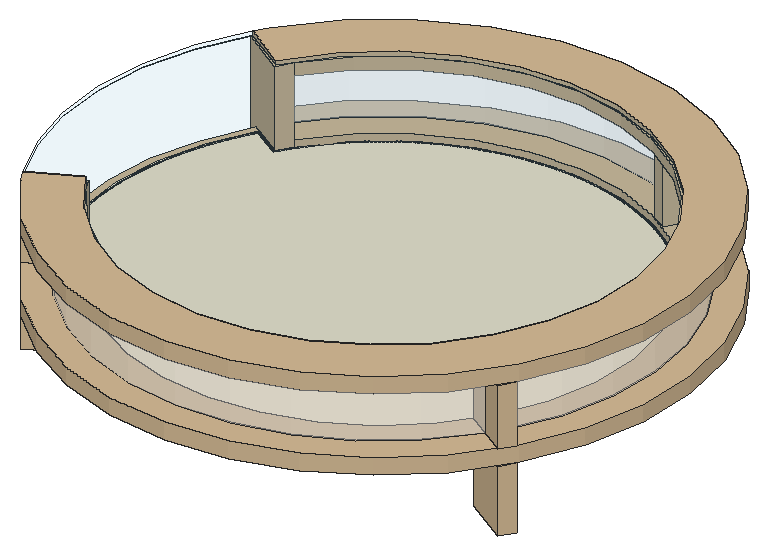
Revit family "MESA DE CENTRO M.A. 1,10M", category Modelos genéricos, Revit 2024 (continued)
Forms (cm)
  Extrusion 282, solid, material "COURO"
    sketch origin (2585.2113, -689.2693, 48.6389) x (-0.588036, 0.808835, 0) y (-0.808835, -0.588036, 0)
      loop
        line (762.865, 30.5602) -> (762.9664, 30.6028) -> (762.8502, 30.8794) -> (762.7488, 30.8367) -> (762.865, 30.5602)
    from 0 to 0.0248
  Extrusion 283, solid, material "COURO"
    sketch origin (2593.4123, -682.5277, 48.6389) x (-0.598621, 0.801032, 0) y (-0.801032, -0.598621, 0)
      loop
        line (762.865, 30.5602) -> (762.9664, 30.6028) -> (762.8502, 30.8794) -> (762.7488, 30.8367) -> (762.865, 30.5602)
    from 0 to 0.0248
  Extrusion 284, solid, material "COURO"
    sketch origin (2601.524, -675.6788, 48.6389) x (-0.609102, 0.793092, 0) y (-0.793092, -0.609102, 0)
      loop
        line (762.865, 30.5602) -> (762.9664, 30.6028) -> (762.8502, 30.8794) -> (762.7488, 30.8367) -> (762.865, 30.5602)
    from 0 to 0.0248
  Extrusion 285, solid, material "COURO"
    sketch origin (2609.5449, -668.7239, 48.6389) x (-0.619479, 0.785013, 0) y (-0.785013, -0.619479, 0)
      loop
        line (762.865, 30.5602) -> (762.9664, 30.6028) -> (762.8502, 30.8794) -> (762.7488, 30.8367) -> (762.865, 30.5602)
    from 0 to 0.0248
  Extrusion 286, solid, material "COURO"
    sketch origin (2617.4736, -661.6641, 48.6389) x (-0.629748, 0.7768, 0) y (-0.7768, -0.629748, 0)
      loop
        line (762.865, 30.5602) -> (762.9664, 30.6028) -> (762.8502, 30.8794) -> (762.7488, 30.8367) -> (762.865, 30.5602)
    from 0 to 0.0248
  Extrusion 287, solid, material "COURO"
    sketch origin (2625.3088, -654.5006, 48.6389) x (-0.639908, 0.768451, 0) y (-0.768451, -0.639908, 0)
      loop
        line (762.865, 30.5602) -> (762.9664, 30.6028) -> (762.8502, 30.8794) -> (762.7488, 30.8367) -> (762.865, 30.5602)
    from 0 to 0.0248
  Extrusion 288, solid, material "COURO"
    sketch origin (2633.0491, -647.2347, 48.6389) x (-0.649958, 0.75997, 0) y (-0.75997, -0.649958, 0)
      loop
        line (762.865, 30.5602) -> (762.9664, 30.6028) -> (762.8502, 30.8794) -> (762.7488, 30.8367) -> (762.865, 30.5602)
    from 0 to 0.0248
  Extrusion 289, solid, material "COURO"
    sketch origin (2640.6932, -639.8677, 48.6389) x (-0.659895, 0.751358, 0) y (-0.751358, -0.659895, 0)
      loop
        line (762.865, 30.5602) -> (762.9664, 30.6028) -> (762.8502, 30.8794) -> (762.7488, 30.8367) -> (762.865, 30.5602)
    from 0 to 0.0248
  Extrusion 290, solid, material "COURO"
    sketch origin (2648.2398, -632.4008, 48.6389) x (-0.669718, 0.742615, 0) y (-0.742615, -0.669718, 0)
      loop
        line (762.865, 30.5602) -> (762.9664, 30.6028) -> (762.8502, 30.8794) -> (762.7488, 30.8367) -> (762.865, 30.5602)
    from 0 to 0.0248
  Extrusion 291, solid, material "COURO"
    sketch origin (2655.6875, -624.8353, 48.6389) x (-0.679425, 0.733745, 0) y (-0.733745, -0.679425, 0)
      loop
        line (762.865, 30.5602) -> (762.9664, 30.6028) -> (762.8502, 30.8794) -> (762.7488, 30.8367) -> (762.865, 30.5602)
    from 0 to 0.0248
  Extrusion 292, solid, material "COURO"
    sketch origin (2663.0352, -617.1725, 48.6389) x (-0.689015, 0.724747, 0) y (-0.724747, -0.689015, 0)
      loop
        line (762.865, 30.5602) -> (762.9664, 30.6028) -> (762.8502, 30.8794) -> (762.7488, 30.8367) -> (762.865, 30.5602)
    from 0 to 0.0248
  Extrusion 293, solid, material "COURO"
    sketch origin (2670.2814, -609.4138, 48.6389) x (-0.698486, 0.715624, 0) y (-0.715624, -0.698486, 0)
      loop
        line (762.865, 30.5602) -> (762.9664, 30.6028) -> (762.8502, 30.8794) -> (762.7488, 30.8367) -> (762.865, 30.5602)
    from 0 to 0.0248
  Extrusion 294, solid, material "COURO"
    sketch origin (2677.4249, -601.5604, 48.6389) x (-0.707836, 0.706377, 0) y (-0.706377, -0.707836, 0)
      loop
        line (762.865, 30.5602) -> (762.9664, 30.6028) -> (762.8502, 30.8794) -> (762.7488, 30.8367) -> (762.865, 30.5602)
    from 0 to 0.0248
  Extrusion 295, solid, material "COURO"
    sketch origin (2684.4646, -593.6138, 48.6389) x (-0.717063, 0.697008, 0) y (-0.697008, -0.717063, 0)
      loop
        line (762.865, 30.5602) -> (762.9664, 30.6028) -> (762.8502, 30.8794) -> (762.7488, 30.8367) -> (762.865, 30.5602)
    from 0 to 0.0248
  Extrusion 296, solid, material "COURO"
    sketch origin (2691.3992, -585.5753, 48.6389) x (-0.726167, 0.687519, 0) y (-0.687519, -0.726167, 0)
      loop
        line (762.865, 30.5602) -> (762.9664, 30.6028) -> (762.8502, 30.8794) -> (762.7488, 30.8367) -> (762.865, 30.5602)
    from 0 to 0.0248
  Extrusion 297, solid, material "COURO"
    sketch origin (2698.2274, -577.4463, 48.6389) x (-0.735144, 0.67791, 0) y (-0.67791, -0.735144, 0)
      loop
        line (762.865, 30.5602) -> (762.9664, 30.6028) -> (762.8502, 30.8794) -> (762.7488, 30.8367) -> (762.865, 30.5602)
    from 0 to 0.0248
  Extrusion 298, solid, material "COURO"
    sketch origin (2704.9482, -569.2282, 48.6389) x (-0.743995, 0.668185, 0) y (-0.668185, -0.743995, 0)
      loop
        line (762.865, 30.5602) -> (762.9664, 30.6028) -> (762.8502, 30.8794) -> (762.7488, 30.8367) -> (762.865, 30.5602)
    from 0 to 0.0248
  Extrusion 299, solid, material "COURO"
    sketch origin (2711.5604, -560.9225, 48.6389) x (-0.752717, 0.658344, 0) y (-0.658344, -0.752717, 0)
      loop
        line (762.865, 30.5602) -> (762.9664, 30.6028) -> (762.8502, 30.8794) -> (762.7488, 30.8367) -> (762.865, 30.5602)
    from 0 to 0.0248
  Extrusion 300, solid, material "COURO"
    sketch origin (2718.0627, -552.5305, 48.6389) x (-0.761309, 0.648389, 0) y (-0.648389, -0.761309, 0)
      loop
        line (762.865, 30.5602) -> (762.9664, 30.6028) -> (762.8502, 30.8794) -> (762.7488, 30.8367) -> (762.865, 30.5602)
    from 0 to 0.0248
  Extrusion 301, solid, material "COURO"
    sketch origin (2724.4541, -544.0538, 48.6389) x (-0.76977, 0.638322, 0) y (-0.638322, -0.76977, 0)
      loop
        line (762.865, 30.5602) -> (762.9664, 30.6028) -> (762.8502, 30.8794) -> (762.7488, 30.8367) -> (762.865, 30.5602)
    from 0 to 0.0248
  Extrusion 302, solid, material "COURO"
    sketch origin (2730.7336, -535.4937, 48.6389) x (-0.778097, 0.628144, 0) y (-0.628144, -0.778097, 0)
      loop
        line (762.865, 30.5602) -> (762.9664, 30.6028) -> (762.8502, 30.8794) -> (762.7488, 30.8367) -> (762.865, 30.5602)
    from 0 to 0.0248
  Extrusion 303, solid, material "COURO"
    sketch origin (2736.8999, -526.8518, 48.6389) x (-0.786289, 0.617858, 0) y (-0.617858, -0.786289, 0)
      loop
        line (762.865, 30.5602) -> (762.9664, 30.6028) -> (762.8502, 30.8794) -> (762.7488, 30.8367) -> (762.865, 30.5602)
    from 0 to 0.0248
  Extrusion 304, solid, material "COURO"
    sketch origin (2742.952, -518.1296, 48.6389) x (-0.794346, 0.607465, 0) y (-0.607465, -0.794346, 0)
      loop
        line (762.865, 30.5602) -> (762.9664, 30.6028) -> (762.8502, 30.8794) -> (762.7488, 30.8367) -> (762.865, 30.5602)
    from 0 to 0.0248
  Extrusion 305, solid, material "COURO"
    sketch origin (2748.8889, -509.3285, 48.6389) x (-0.802265, 0.596967, 0) y (-0.596967, -0.802265, 0)
      loop
        line (762.865, 30.5602) -> (762.9664, 30.6028) -> (762.8502, 30.8794) -> (762.7488, 30.8367) -> (762.865, 30.5602)
    from 0 to 0.0248
  Extrusion 306, solid, material "COURO"
    sketch origin (2754.7096, -500.4502, 48.6389) x (-0.810046, 0.586366, 0) y (-0.586366, -0.810046, 0)
      loop
        line (762.865, 30.5602) -> (762.9664, 30.6028) -> (762.8502, 30.8794) -> (762.7488, 30.8367) -> (762.865, 30.5602)
    from 0 to 0.0248
  Extrusion 307, solid, material "COURO"
    sketch origin (2760.413, -491.496, 48.6389) x (-0.817687, 0.575664, 0) y (-0.575664, -0.817687, 0)
      loop
        line (762.865, 30.5602) -> (762.9664, 30.6028) -> (762.8502, 30.8794) -> (762.7488, 30.8367) -> (762.865, 30.5602)
    from 0 to 0.0248
  Extrusion 308, solid, material "COURO"
    sketch origin (2765.9982, -482.4677, 48.6389) x (-0.825186, 0.564862, 0) y (-0.564862, -0.825186, 0)
      loop
        line (762.865, 30.5602) -> (762.9664, 30.6028) -> (762.8502, 30.8794) -> (762.7488, 30.8367) -> (762.865, 30.5602)
    from 0 to 0.0248
  Extrusion 309, solid, material "COURO"
    sketch origin (2771.4642, -473.3666, 48.6389) x (-0.832542, 0.553962, 0) y (-0.553962, -0.832542, 0)
      loop
        line (762.865, 30.5602) -> (762.9664, 30.6028) -> (762.8502, 30.8794) -> (762.7488, 30.8367) -> (762.865, 30.5602)
    from 0 to 0.0248
  Extrusion 310, solid, material "COURO"
    sketch origin (2776.81, -464.1945, 48.6389) x (-0.839755, 0.542966, 0) y (-0.542966, -0.839755, 0)
      loop
        line (762.865, 30.5602) -> (762.9664, 30.6028) -> (762.8502, 30.8794) -> (762.7488, 30.8367) -> (762.865, 30.5602)
    from 0 to 0.0248
  Extrusion 311, solid, material "COURO"
    sketch origin (2782.0348, -454.9529, 48.6389) x (-0.846822, 0.531877, 0) y (-0.531877, -0.846822, 0)
      loop
        line (762.865, 30.5602) -> (762.9664, 30.6028) -> (762.8502, 30.8794) -> (762.7488, 30.8367) -> (762.865, 30.5602)
    from 0 to 0.0248
  Extrusion 312, solid, material "COURO"
    sketch origin (2787.1375, -445.6434, 48.6389) x (-0.853743, 0.520695, 0) y (-0.520695, -0.853743, 0)
      loop
        line (762.865, 30.5602) -> (762.9664, 30.6028) -> (762.8502, 30.8794) -> (762.7488, 30.8367) -> (762.865, 30.5602)
    from 0 to 0.0248
  Extrusion 313, solid, material "COURO"
    sketch origin (2792.1175, -436.2676, 48.6389) x (-0.860516, 0.509424, 0) y (-0.509424, -0.860516, 0)
      loop
        line (762.865, 30.5602) -> (762.9664, 30.6028) -> (762.8502, 30.8794) -> (762.7488, 30.8367) -> (762.865, 30.5602)
    from 0 to 0.0248
  Extrusion 314, solid, material "COURO"
    sketch origin (2796.9737, -426.8271, 48.6389) x (-0.86714, 0.498064, 0) y (-0.498064, -0.86714, 0)
      loop
        line (762.865, 30.5602) -> (762.9664, 30.6028) -> (762.8502, 30.8794) -> (762.7488, 30.8367) -> (762.865, 30.5602)
    from 0 to 0.0248
  Extrusion 315, solid, material "COURO"
    sketch origin (2801.7053, -417.3235, 48.6389) x (-0.873615, 0.486618, 0) y (-0.486618, -0.873615, 0)
      loop
        line (762.865, 30.5602) -> (762.9664, 30.6028) -> (762.8502, 30.8794) -> (762.7488, 30.8367) -> (762.865, 30.5602)
    from 0 to 0.0248
  Extrusion 316, solid, material "COURO"
    sketch origin (2806.3116, -407.7586, 48.6389) x (-0.879938, 0.475089, 0) y (-0.475089, -0.879938, 0)
      loop
        line (762.865, 30.5602) -> (762.9664, 30.6028) -> (762.8502, 30.8794) -> (762.7488, 30.8367) -> (762.865, 30.5602)
    from 0 to 0.0248
  Extrusion 317, solid, material "COURO"
    sketch origin (2810.7917, -398.1339, 48.6389) x (-0.886109, 0.463477, 0) y (-0.463477, -0.886109, 0)
      loop
        line (762.865, 30.5602) -> (762.9664, 30.6028) -> (762.8502, 30.8794) -> (762.7488, 30.8367) -> (762.865, 30.5602)
    from 0 to 0.0248
  Extrusion 318, solid, material "COURO"
    sketch origin (2815.1448, -388.4511, 48.6389) x (-0.892127, 0.451784, 0) y (-0.451784, -0.892127, 0)
      loop
        line (762.865, 30.5602) -> (762.9664, 30.6028) -> (762.8502, 30.8794) -> (762.7488, 30.8367) -> (762.865, 30.5602)
    from 0 to 0.0248
  Extrusion 319, solid, material "COURO"
    sketch origin (2819.3702, -378.712, 48.6389) x (-0.897991, 0.440014, 0) y (-0.440014, -0.897991, 0)
      loop
        line (762.865, 30.5602) -> (762.9664, 30.6028) -> (762.8502, 30.8794) -> (762.7488, 30.8367) -> (762.865, 30.5602)
    from 0 to 0.0248
  Extrusion 320, solid, material "COURO"
    sketch origin (2823.4673, -368.9181, 48.6389) x (-0.903699, 0.428168, 0) y (-0.428168, -0.903699, 0)
      loop
        line (762.865, 30.5602) -> (762.9664, 30.6028) -> (762.8502, 30.8794) -> (762.7488, 30.8367) -> (762.865, 30.5602)
    from 0 to 0.0248
  Extrusion 321, solid, material "COURO"
    sketch origin (2827.4351, -359.0712, 48.6389) x (-0.909251, 0.416247, 0) y (-0.416247, -0.909251, 0)
      loop
        line (762.865, 30.5602) -> (762.9664, 30.6028) -> (762.8502, 30.8794) -> (762.7488, 30.8367) -> (762.865, 30.5602)
    from 0 to 0.0248
  Extrusion 322, solid, material "COURO"
    sketch origin (2831.2732, -349.173, 48.6389) x (-0.914646, 0.404255, 0) y (-0.404255, -0.914646, 0)
      loop
        line (762.865, 30.5602) -> (762.9664, 30.6028) -> (762.8502, 30.8794) -> (762.7488, 30.8367) -> (762.865, 30.5602)
    from 0 to 0.0248
  Extrusion 323, solid, material "COURO"
    sketch origin (2834.9807, -339.2251, 48.6389) x (-0.919883, 0.392193, 0) y (-0.392193, -0.919883, 0)
      loop
        line (762.865, 30.5602) -> (762.9664, 30.6028) -> (762.8502, 30.8794) -> (762.7488, 30.8367) -> (762.865, 30.5602)
    from 0 to 0.0248
  Extrusion 324, solid, material "COURO"
    sketch origin (2838.5571, -329.2294, 48.6389) x (-0.924961, 0.380062, 0) y (-0.380062, -0.924961, 0)
      loop
        line (762.865, 30.5602) -> (762.9664, 30.6028) -> (762.8502, 30.8794) -> (762.7488, 30.8367) -> (762.865, 30.5602)
    from 0 to 0.0248
  Extrusion 325, solid, material "COURO"
    sketch origin (2842.0018, -319.1874, 48.6389) x (-0.929879, 0.367867, 0) y (-0.367867, -0.929879, 0)
      loop
        line (762.865, 30.5602) -> (762.9664, 30.6028) -> (762.8502, 30.8794) -> (762.7488, 30.8367) -> (762.865, 30.5602)
    from 0 to 0.0248
  Extrusion 326, solid, material "COURO"
    sketch origin (2845.3141, -309.1011, 48.6389) x (-0.934636, 0.355607, 0) y (-0.355607, -0.934636, 0)
      loop
        line (762.865, 30.5602) -> (762.9664, 30.6028) -> (762.8502, 30.8794) -> (762.7488, 30.8367) -> (762.865, 30.5602)
    from 0 to 0.0248
  Extrusion 327, solid, material "COURO"
    sketch origin (2848.4935, -298.9721, 48.6389) x (-0.939231, 0.343286, 0) y (-0.343286, -0.939231, 0)
      loop
        line (762.865, 30.5602) -> (762.9664, 30.6028) -> (762.8502, 30.8794) -> (762.7488, 30.8367) -> (762.865, 30.5602)
    from 0 to 0.0248
  Extrusion 328, solid, material "COURO"
    sketch origin (2851.5394, -288.8021, 48.6389) x (-0.943664, 0.330906, 0) y (-0.330906, -0.943664, 0)
      loop
        line (762.865, 30.5602) -> (762.9664, 30.6028) -> (762.8502, 30.8794) -> (762.7488, 30.8367) -> (762.865, 30.5602)
    from 0 to 0.0248
  Extrusion 329, solid, material "COURO"
    sketch origin (2854.4514, -278.593, 48.6389) x (-0.947933, 0.318468, 0) y (-0.318468, -0.947933, 0)
      loop
        line (762.865, 30.5602) -> (762.9664, 30.6028) -> (762.8502, 30.8794) -> (762.7488, 30.8367) -> (762.865, 30.5602)
    from 0 to 0.0248
  Extrusion 330, solid, material "COURO"
    sketch origin (2857.2288, -268.3465, 48.6389) x (-0.952039, 0.305976, 0) y (-0.305976, -0.952039, 0)
      loop
        line (762.865, 30.5602) -> (762.9664, 30.6028) -> (762.8502, 30.8794) -> (762.7488, 30.8367) -> (762.865, 30.5602)
    from 0 to 0.0248
  Extrusion 331, solid, material "COURO"
    sketch origin (2859.8713, -258.0643, 48.6389) x (-0.95598, 0.29343, 0) y (-0.29343, -0.95598, 0)
      loop
        line (762.865, 30.5602) -> (762.9664, 30.6028) -> (762.8502, 30.8794) -> (762.7488, 30.8367) -> (762.865, 30.5602)
    from 0 to 0.0248
  Extrusion 332, solid, material "COURO"
    sketch origin (2862.3783, -247.7483, 48.6389) x (-0.959756, 0.280834, 0) y (-0.280834, -0.959756, 0)
      loop
        line (762.865, 30.5602) -> (762.9664, 30.6028) -> (762.8502, 30.8794) -> (762.7488, 30.8367) -> (762.865, 30.5602)
    from 0 to 0.0248
  Extrusion 333, solid, material "COURO"
    sketch origin (1359.1743, -217.8247, 48.6389) x (0.95748, 0.2885, 0) y (-0.2885, 0.95748, 0)
      loop
        line (730.312, -13.6619) -> (730.0134, -13.6331) -> (730.0028, -13.7426) -> (730.3015, -13.7714) -> (730.312, -13.6619)
    from 0 to 0.0248
  Extrusion 334, solid, material "COURO"
    sketch origin (1433.2159, -416.0599, 48.6389) x (0.835386, 0.549664, 0) y (-0.549664, 0.835386, 0)
      loop
        line (730.312, -13.6619) -> (730.0134, -13.6331) -> (730.0028, -13.7426) -> (730.3015, -13.7714) -> (730.312, -13.6619)
    from 0 to 0.0248
  Extrusion 335, solid, material "COURO"
    sketch origin (1428.6272, -407.5684, 48.6389) x (0.842541, 0.538631, 0) y (-0.538631, 0.842541, 0)
      loop
        line (730.312, -13.6619) -> (730.0134, -13.6331) -> (730.0028, -13.7426) -> (730.3015, -13.7714) -> (730.312, -13.6619)
    from 0 to 0.0248
  Extrusion 336, solid, material "COURO"
    sketch origin (1424.1505, -399.0172, 48.6389) x (0.849551, 0.527506, 0) y (-0.527506, 0.849551, 0)
      loop
        line (730.312, -13.6619) -> (730.0134, -13.6331) -> (730.0028, -13.7426) -> (730.3015, -13.7714) -> (730.312, -13.6619)
    from 0 to 0.0248
  Extrusion 337, solid, material "COURO"
    sketch origin (1419.7866, -390.4079, 48.6389) x (0.856415, 0.516289, 0) y (-0.516289, 0.856415, 0)
      loop
        line (730.312, -13.6619) -> (730.0134, -13.6331) -> (730.0028, -13.7426) -> (730.3015, -13.7714) -> (730.312, -13.6619)
    from 0 to 0.0248
  Extrusion 338, solid, material "COURO"
    sketch origin (1415.5364, -381.742, 48.6389) x (0.86313, 0.504983, 0) y (-0.504983, 0.86313, 0)
      loop
        line (730.312, -13.6619) -> (730.0134, -13.6331) -> (730.0028, -13.7426) -> (730.3015, -13.7714) -> (730.312, -13.6619)
    from 0 to 0.0248
  Extrusion 339, solid, material "COURO"
    sketch origin (1411.4005, -373.0209, 48.6389) x (0.869695, 0.493589, 0) y (-0.493589, 0.869695, 0)
      loop
        line (730.312, -13.6619) -> (730.0134, -13.6331) -> (730.0028, -13.7426) -> (730.3015, -13.7714) -> (730.312, -13.6619)
    from 0 to 0.0248
  Extrusion 340, solid, material "COURO"
    sketch origin (1407.3796, -364.2462, 48.6389) x (0.876111, 0.48211, 0) y (-0.48211, 0.876111, 0)
      loop
        line (730.312, -13.6619) -> (730.0134, -13.6331) -> (730.0028, -13.7426) -> (730.3015, -13.7714) -> (730.312, -13.6619)
    from 0 to 0.0248
  Extrusion 341, solid, material "COURO"
    sketch origin (1403.4744, -355.4194, 48.6389) x (0.882375, 0.470548, 0) y (-0.470548, 0.882375, 0)
      loop
        line (730.312, -13.6619) -> (730.0134, -13.6331) -> (730.0028, -13.7426) -> (730.3015, -13.7714) -> (730.312, -13.6619)
    from 0 to 0.0248
  Extrusion 342, solid, material "COURO"
    sketch origin (1399.6857, -346.542, 48.6389) x (0.888486, 0.458904, 0) y (-0.458904, 0.888486, 0)
      loop
        line (730.312, -13.6619) -> (730.0134, -13.6331) -> (730.0028, -13.7426) -> (730.3015, -13.7714) -> (730.312, -13.6619)
    from 0 to 0.0248
  Extrusion 343, solid, material "COURO"
    sketch origin (1396.014, -337.6155, 48.6389) x (0.894443, 0.447181, 0) y (-0.447181, 0.894443, 0)
      loop
        line (730.312, -13.6619) -> (730.0134, -13.6331) -> (730.0028, -13.7426) -> (730.3015, -13.7714) -> (730.312, -13.6619)
    from 0 to 0.0248
  Extrusion 344, solid, material "COURO"
    sketch origin (1392.46, -328.6415, 48.6389) x (0.900246, 0.435381, 0) y (-0.435381, 0.900246, 0)
      loop
        line (730.312, -13.6619) -> (730.0134, -13.6331) -> (730.0028, -13.7426) -> (730.3015, -13.7714) -> (730.312, -13.6619)
    from 0 to 0.0248
  Extrusion 345, solid, material "COURO"
    sketch origin (1389.0243, -319.6216, 48.6389) x (0.905894, 0.423505, 0) y (-0.423505, 0.905894, 0)
      loop
        line (730.312, -13.6619) -> (730.0134, -13.6331) -> (730.0028, -13.7426) -> (730.3015, -13.7714) -> (730.312, -13.6619)
    from 0 to 0.0248
  Extrusion 346, solid, material "COURO"
    sketch origin (1385.7076, -310.5573, 48.6389) x (0.911384, 0.411556, 0) y (-0.411556, 0.911384, 0)
      loop
        line (730.312, -13.6619) -> (730.0134, -13.6331) -> (730.0028, -13.7426) -> (730.3015, -13.7714) -> (730.312, -13.6619)
    from 0 to 0.0248
  Extrusion 347, solid, material "COURO"
    sketch origin (1382.5103, -301.4501, 48.6389) x (0.916717, 0.399536, 0) y (-0.399536, 0.916717, 0)
      loop
        line (730.312, -13.6619) -> (730.0134, -13.6331) -> (730.0028, -13.7426) -> (730.3015, -13.7714) -> (730.312, -13.6619)
    from 0 to 0.0248
  Extrusion 348, solid, material "COURO"
    sketch origin (1379.433, -292.3017, 48.6389) x (0.921892, 0.387447, 0) y (-0.387447, 0.921892, 0)
      loop
        line (730.312, -13.6619) -> (730.0134, -13.6331) -> (730.0028, -13.7426) -> (730.3015, -13.7714) -> (730.312, -13.6619)
    from 0 to 0.0248
  Extrusion 349, solid, material "COURO"
    sketch origin (1376.4763, -283.1136, 48.6389) x (0.926907, 0.375291, 0) y (-0.375291, 0.926907, 0)
      loop
        line (730.312, -13.6619) -> (730.0134, -13.6331) -> (730.0028, -13.7426) -> (730.3015, -13.7714) -> (730.312, -13.6619)
    from 0 to 0.0248
  Extrusion 350, solid, material "COURO"
    sketch origin (1373.6407, -273.8875, 48.6389) x (0.931762, 0.36307, 0) y (-0.36307, 0.931762, 0)
      loop
        line (730.312, -13.6619) -> (730.0134, -13.6331) -> (730.0028, -13.7426) -> (730.3015, -13.7714) -> (730.312, -13.6619)
    from 0 to 0.0248
  Extrusion 351, solid, material "COURO"
    sketch origin (1370.9267, -264.6248, 48.6389) x (0.936456, 0.350786, 0) y (-0.350786, 0.936456, 0)
      loop
        line (730.312, -13.6619) -> (730.0134, -13.6331) -> (730.0028, -13.7426) -> (730.3015, -13.7714) -> (730.312, -13.6619)
    from 0 to 0.0248
  Extrusion 352, solid, material "COURO"
    sketch origin (1368.3346, -255.3272, 48.6389) x (0.940987, 0.338442, 0) y (-0.338442, 0.940987, 0)
      loop
        line (730.312, -13.6619) -> (730.0134, -13.6331) -> (730.0028, -13.7426) -> (730.3015, -13.7714) -> (730.312, -13.6619)
    from 0 to 0.0248
  Extrusion 353, solid, material "COURO"
    sketch origin (1365.8651, -245.9964, 48.6389) x (0.945356, 0.326039, 0) y (-0.326039, 0.945356, 0)
      loop
        line (730.312, -13.6619) -> (730.0134, -13.6331) -> (730.0028, -13.7426) -> (730.3015, -13.7714) -> (730.312, -13.6619)
    from 0 to 0.0248
  Extrusion 354, solid, material "COURO"
    sketch origin (1363.5185, -236.6339, 48.6389) x (0.949562, 0.313579, 0) y (-0.313579, 0.949562, 0)
      loop
        line (730.312, -13.6619) -> (730.0134, -13.6331) -> (730.0028, -13.7426) -> (730.3015, -13.7714) -> (730.312, -13.6619)
    from 0 to 0.0248
  Extrusion 355, solid, material "COURO"
    sketch origin (1361.2952, -227.2414, 48.6389) x (0.953603, 0.301066, 0) y (-0.301066, 0.953603, 0)
      loop
        line (730.312, -13.6619) -> (730.0134, -13.6331) -> (730.0028, -13.7426) -> (730.3015, -13.7714) -> (730.312, -13.6619)
    from 0 to 0.0248
  Extrusion 356, solid, material "COURO"
    sketch origin (1359.1956, -217.8204, 48.6389) x (0.95748, 0.2885, 0) y (-0.2885, 0.95748, 0)
      loop
        line (730.312, -13.6619) -> (730.0134, -13.6331) -> (730.0028, -13.7426) -> (730.3015, -13.7714) -> (730.312, -13.6619)
    from 0 to 0.0248
  Extrusion 357, solid, material "COURO"
    sketch origin (1357.2201, -208.3726, 48.6389) x (0.961191, 0.275884, 0) y (-0.275884, 0.961191, 0)
      loop
        line (730.312, -13.6619) -> (730.0134, -13.6331) -> (730.0028, -13.7426) -> (730.3015, -13.7714) -> (730.312, -13.6619)
    from 0 to 0.0248
  Extrusion 358, solid, material "COURO"
    sketch origin (1355.3689, -198.8997, 48.6389) x (0.964735, 0.263221, 0) y (-0.263221, 0.964735, 0)
      loop
        line (730.312, -13.6619) -> (730.0134, -13.6331) -> (730.0028, -13.7426) -> (730.3015, -13.7714) -> (730.312, -13.6619)
    from 0 to 0.0248
  Extrusion 359, solid, material "COURO"
    sketch origin (1353.6425, -189.4033, 48.6389) x (0.968113, 0.250512, 0) y (-0.250512, 0.968113, 0)
      loop
        line (730.312, -13.6619) -> (730.0134, -13.6331) -> (730.0028, -13.7426) -> (730.3015, -13.7714) -> (730.312, -13.6619)
    from 0 to 0.0248
  Extrusion 360, solid, material "COURO"
    sketch origin (1352.0412, -179.8849, 48.6389) x (0.971324, 0.23776, 0) y (-0.23776, 0.971324, 0)
      loop
        line (730.312, -13.6619) -> (730.0134, -13.6331) -> (730.0028, -13.7426) -> (730.3015, -13.7714) -> (730.312, -13.6619)
    from 0 to 0.0248
  Extrusion 361, solid, material "COURO"
    sketch origin (1350.5651, -170.3464, 48.6389) x (0.974366, 0.224967, 0) y (-0.224967, 0.974366, 0)
      loop
        line (730.312, -13.6619) -> (730.0134, -13.6331) -> (730.0028, -13.7426) -> (730.3015, -13.7714) -> (730.312, -13.6619)
    from 0 to 0.0248
  Extrusion 362, solid, material "COURO"
    sketch origin (1349.2146, -160.7892, 48.6389) x (0.97724, 0.212135, 0) y (-0.212135, 0.97724, 0)
      loop
        line (730.312, -13.6619) -> (730.0134, -13.6331) -> (730.0028, -13.7426) -> (730.3015, -13.7714) -> (730.312, -13.6619)
    from 0 to 0.0248
  Extrusion 363, solid, material "COURO"
    sketch origin (1347.9899, -151.2151, 48.6389) x (0.979945, 0.199266, 0) y (-0.199266, 0.979945, 0)
      loop
        line (730.312, -13.6619) -> (730.0134, -13.6331) -> (730.0028, -13.7426) -> (730.3015, -13.7714) -> (730.312, -13.6619)
    from 0 to 0.0248
  Extrusion 364, solid, material "COURO"
    sketch origin (1346.8911, -141.6258, 48.6389) x (0.982481, 0.186363, 0) y (-0.186363, 0.982481, 0)
      loop
        line (730.312, -13.6619) -> (730.0134, -13.6331) -> (730.0028, -13.7426) -> (730.3015, -13.7714) -> (730.312, -13.6619)
    from 0 to 0.0248
  Extrusion 365, solid, material "COURO"
    sketch origin (1345.9186, -132.0228, 48.6389) x (0.984847, 0.173428, 0) y (-0.173428, 0.984847, 0)
      loop
        line (730.312, -13.6619) -> (730.0134, -13.6331) -> (730.0028, -13.7426) -> (730.3015, -13.7714) -> (730.312, -13.6619)
    from 0 to 0.0248
  Extrusion 366, solid, material "COURO"
    sketch origin (1345.0724, -122.4079, 48.6389) x (0.987042, 0.160462, 0) y (-0.160462, 0.987042, 0)
      loop
        line (730.312, -13.6619) -> (730.0134, -13.6331) -> (730.0028, -13.7426) -> (730.3015, -13.7714) -> (730.312, -13.6619)
    from 0 to 0.0248
  Extrusion 367, solid, material "COURO"
    sketch origin (1344.3528, -112.7826, 48.6389) x (0.989067, 0.147469, 0) y (-0.147469, 0.989067, 0)
      loop
        line (730.312, -13.6619) -> (730.0134, -13.6331) -> (730.0028, -13.7426) -> (730.3015, -13.7714) -> (730.312, -13.6619)
    from 0 to 0.0248
  Extrusion 368, solid, material "COURO"
    sketch origin (1343.7597, -103.1488, 48.6389) x (0.99092, 0.13445, 0) y (-0.13445, 0.99092, 0)
      loop
        line (730.312, -13.6619) -> (730.0134, -13.6331) -> (730.0028, -13.7426) -> (730.3015, -13.7714) -> (730.312, -13.6619)
    from 0 to 0.0248
  Extrusion 369, solid, material "COURO"
    sketch origin (1343.2934, -93.5079, 48.6389) x (0.992603, 0.121408, 0) y (-0.121408, 0.992603, 0)
      loop
        line (730.312, -13.6619) -> (730.0134, -13.6331) -> (730.0028, -13.7426) -> (730.3015, -13.7714) -> (730.312, -13.6619)
    from 0 to 0.0248
  Extrusion 370, solid, material "COURO"
    sketch origin (1342.954, -83.8618, 48.6389) x (0.994113, 0.108345, 0) y (-0.108345, 0.994113, 0)
      loop
        line (730.312, -13.6619) -> (730.0134, -13.6331) -> (730.0028, -13.7426) -> (730.3015, -13.7714) -> (730.312, -13.6619)
    from 0 to 0.0248
  Extrusion 371, solid, material "COURO"
    sketch origin (1342.7413, -74.2121, 48.6389) x (0.995452, 0.095264, 0) y (-0.095264, 0.995452, 0)
      loop
        line (730.312, -13.6619) -> (730.0134, -13.6331) -> (730.0028, -13.7426) -> (730.3015, -13.7714) -> (730.312, -13.6619)
    from 0 to 0.0248
  Extrusion 372, solid, material "COURO"
    sketch origin (1342.6556, -64.5604, 48.6389) x (0.996619, 0.082166, 0) y (-0.082166, 0.996619, 0)
      loop
        line (730.312, -13.6619) -> (730.0134, -13.6331) -> (730.0028, -13.7426) -> (730.3015, -13.7714) -> (730.312, -13.6619)
    from 0 to 0.0248
  Extrusion 373, solid, material "COURO"
    sketch origin (1342.6969, -54.9083, 48.6389) x (0.997613, 0.069053, 0) y (-0.069053, 0.997613, 0)
      loop
        line (730.312, -13.6619) -> (730.0134, -13.6331) -> (730.0028, -13.7426) -> (730.3015, -13.7714) -> (730.312, -13.6619)
    from 0 to 0.0248
  Extrusion 374, solid, material "COURO"
    sketch origin (1342.865, -45.2577, 48.6389) x (0.998435, 0.055929, 0) y (-0.055929, 0.998435, 0)
      loop
        line (730.312, -13.6619) -> (730.0134, -13.6331) -> (730.0028, -13.7426) -> (730.3015, -13.7714) -> (730.312, -13.6619)
    from 0 to 0.0248
  Extrusion 375, solid, material "COURO"
    sketch origin (1343.16, -35.6101, 48.6389) x (0.999084, 0.042795, 0) y (-0.042795, 0.999084, 0)
      loop
        line (730.312, -13.6619) -> (730.0134, -13.6331) -> (730.0028, -13.7426) -> (730.3015, -13.7714) -> (730.312, -13.6619)
    from 0 to 0.0248
  Extrusion 376, solid, material "COURO"
    sketch origin (1343.5819, -25.9673, 48.6389) x (0.99956, 0.029653, 0) y (-0.029653, 0.99956, 0)
      loop
        line (730.312, -13.6619) -> (730.0134, -13.6331) -> (730.0028, -13.7426) -> (730.3015, -13.7714) -> (730.312, -13.6619)
    from 0 to 0.0248
  Extrusion 377, solid, material "COURO"
    sketch origin (1344.1305, -16.3308, 48.6389) x (0.999864, 0.016507, 0) y (-0.016507, 0.999864, 0)
      loop
        line (730.312, -13.6619) -> (730.0134, -13.6331) -> (730.0028, -13.7426) -> (730.3015, -13.7714) -> (730.312, -13.6619)
    from 0 to 0.0248
  Extrusion 378, solid, material "COURO"
    sketch origin (1344.8058, -6.7023, 48.6389) x (0.999994, 0.003358, 0) y (-0.003358, 0.999994, 0)
      loop
        line (730.312, -13.6619) -> (730.0134, -13.6331) -> (730.0028, -13.7426) -> (730.3015, -13.7714) -> (730.312, -13.6619)
    from 0 to 0.0248
  Extrusion 379, solid, material "COURO"
    sketch origin (1345.6077, 2.9164, 48.6389) x (0.999952, -0.009792, 0) y (0.009792, 0.999952, 0)
      loop
        line (730.312, -13.6619) -> (730.0134, -13.6331) -> (730.0028, -13.7426) -> (730.3015, -13.7714) -> (730.312, -13.6619)
    from 0 to 0.0248
  Extrusion 380, solid, material "COURO"
    sketch origin (1346.536, 12.5238, 48.6389) x (0.999737, -0.022941, 0) y (0.022941, 0.999737, 0)
      loop
        line (730.312, -13.6619) -> (730.0134, -13.6331) -> (730.0028, -13.7426) -> (730.3015, -13.7714) -> (730.312, -13.6619)
    from 0 to 0.0248
  Extrusion 381, solid, material "COURO"
    sketch origin (1347.5905, 22.1181, 48.6389) x (0.999349, -0.036085, 0) y (0.036085, 0.999349, 0)
      loop
        line (730.312, -13.6619) -> (730.0134, -13.6331) -> (730.0028, -13.7426) -> (730.3015, -13.7714) -> (730.312, -13.6619)
    from 0 to 0.0248
  Extrusion 382, solid, material "COURO"
    sketch origin (1348.7711, 31.6977, 48.6389) x (0.998788, -0.049223, 0) y (0.049223, 0.998788, 0)
      loop
        line (730.312, -13.6619) -> (730.0134, -13.6331) -> (730.0028, -13.7426) -> (730.3015, -13.7714) -> (730.312, -13.6619)
    from 0 to 0.0248
  Extrusion 383, solid, material "COURO"
    sketch origin (1350.0776, 41.261, 48.6389) x (0.998054, -0.062352, 0) y (0.062352, 0.998054, 0)
      loop
        line (730.312, -13.6619) -> (730.0134, -13.6331) -> (730.0028, -13.7426) -> (730.3015, -13.7714) -> (730.312, -13.6619)
    from 0 to 0.0248
  Extrusion 384, solid, material "COURO"
    sketch origin (1351.5097, 50.8062, 48.6389) x (0.997148, -0.075471, 0) y (0.075471, 0.997148, 0)
      loop
        line (730.312, -13.6619) -> (730.0134, -13.6331) -> (730.0028, -13.7426) -> (730.3015, -13.7714) -> (730.312, -13.6619)
    from 0 to 0.0248
  Extrusion 385, solid, material "COURO"
    sketch origin (1353.0672, 60.3319, 48.6389) x (0.996069, -0.088577, 0) y (0.088577, 0.996069, 0)
      loop
        line (730.312, -13.6619) -> (730.0134, -13.6331) -> (730.0028, -13.7426) -> (730.3015, -13.7714) -> (730.312, -13.6619)
    from 0 to 0.0248
  Extrusion 386, solid, material "COURO"
    sketch origin (1354.7498, 69.8362, 48.6389) x (0.994818, -0.101667, 0) y (0.101667, 0.994818, 0)
      loop
        line (730.312, -13.6619) -> (730.0134, -13.6331) -> (730.0028, -13.7426) -> (730.3015, -13.7714) -> (730.312, -13.6619)
    from 0 to 0.0248
  Extrusion 387, solid, material "COURO"
    sketch origin (1356.5572, 79.3175, 48.6389) x (0.993396, -0.11474, 0) y (0.11474, 0.993396, 0)
      loop
        line (730.312, -13.6619) -> (730.0134, -13.6331) -> (730.0028, -13.7426) -> (730.3015, -13.7714) -> (730.312, -13.6619)
    from 0 to 0.0248
  Extrusion 388, solid, material "COURO"
    sketch origin (1358.4892, 88.7743, 48.6389) x (0.991801, -0.127793, 0) y (0.127793, 0.991801, 0)
      loop
        line (730.312, -13.6619) -> (730.0134, -13.6331) -> (730.0028, -13.7426) -> (730.3015, -13.7714) -> (730.312, -13.6619)
    from 0 to 0.0248
  Extrusion 389, solid, material "COURO"
    sketch origin (1360.5454, 98.2048, 48.6389) x (0.990035, -0.140824, 0) y (0.140824, 0.990035, 0)
      loop
        line (730.312, -13.6619) -> (730.0134, -13.6331) -> (730.0028, -13.7426) -> (730.3015, -13.7714) -> (730.312, -13.6619)
    from 0 to 0.0248
  Extrusion 390, solid, material "COURO"
    sketch origin (1362.7254, 107.6075, 48.6389) x (0.988097, -0.15383, 0) y (0.15383, 0.988097, 0)
      loop
        line (730.312, -13.6619) -> (730.0134, -13.6331) -> (730.0028, -13.7426) -> (730.3015, -13.7714) -> (730.312, -13.6619)
    from 0 to 0.0248
  Extrusion 391, solid, material "COURO"
    sketch origin (1365.0288, 116.9807, 48.6389) x (0.985989, -0.16681, 0) y (0.16681, 0.985989, 0)
      loop
        line (730.312, -13.6619) -> (730.0134, -13.6331) -> (730.0028, -13.7426) -> (730.3015, -13.7714) -> (730.312, -13.6619)
    from 0 to 0.0248
  Extrusion 392, solid, material "COURO"
    sketch origin (1367.4553, 126.3228, 48.6389) x (0.98371, -0.179761, 0) y (0.179761, 0.98371, 0)
      loop
        line (730.312, -13.6619) -> (730.0134, -13.6331) -> (730.0028, -13.7426) -> (730.3015, -13.7714) -> (730.312, -13.6619)
    from 0 to 0.0248
  Extrusion 393, solid, material "COURO"
    sketch origin (1370.0045, 135.6322, 48.6389) x (0.981261, -0.192681, 0) y (0.192681, 0.981261, 0)
      loop
        line (730.312, -13.6619) -> (730.0134, -13.6331) -> (730.0028, -13.7426) -> (730.3015, -13.7714) -> (730.312, -13.6619)
    from 0 to 0.0248
  Extrusion 394, solid, material "COURO"
    sketch origin (1372.6758, 144.9073, 48.6389) x (0.978643, -0.205568, 0) y (0.205568, 0.978643, 0)
      loop
        line (730.312, -13.6619) -> (730.0134, -13.6331) -> (730.0028, -13.7426) -> (730.3015, -13.7714) -> (730.312, -13.6619)
    from 0 to 0.0248
  Extrusion 395, solid, material "COURO"
    sketch origin (1375.4689, 154.1464, 48.6389) x (0.975855, -0.218419, 0) y (0.218419, 0.975855, 0)
      loop
        line (730.312, -13.6619) -> (730.0134, -13.6331) -> (730.0028, -13.7426) -> (730.3015, -13.7714) -> (730.312, -13.6619)
    from 0 to 0.0248
  Extrusion 396, solid, material "COURO"
    sketch origin (1378.3832, 163.3481, 48.6389) x (0.972899, -0.231232, 0) y (0.231232, 0.972899, 0)
      loop
        line (730.312, -13.6619) -> (730.0134, -13.6331) -> (730.0028, -13.7426) -> (730.3015, -13.7714) -> (730.312, -13.6619)
    from 0 to 0.0248
  Extrusion 397, solid, material "COURO"
    sketch origin (1381.4183, 172.5106, 48.6389) x (0.969774, -0.244006, 0) y (0.244006, 0.969774, 0)
      loop
        line (730.312, -13.6619) -> (730.0134, -13.6331) -> (730.0028, -13.7426) -> (730.3015, -13.7714) -> (730.312, -13.6619)
    from 0 to 0.0248
  Extrusion 398, solid, material "COURO"
    sketch origin (1384.5735, 181.6324, 48.6389) x (0.966481, -0.256737, 0) y (0.256737, 0.966481, 0)
      loop
        line (730.312, -13.6619) -> (730.0134, -13.6331) -> (730.0028, -13.7426) -> (730.3015, -13.7714) -> (730.312, -13.6619)
    from 0 to 0.0248
  Extrusion 399, solid, material "COURO"
    sketch origin (1387.8485, 190.7119, 48.6389) x (0.963022, -0.269424, 0) y (0.269424, 0.963022, 0)
      loop
        line (730.312, -13.6619) -> (730.0134, -13.6331) -> (730.0028, -13.7426) -> (730.3015, -13.7714) -> (730.312, -13.6619)
    from 0 to 0.0248
  Extrusion 400, solid, material "COURO"
    sketch origin (1391.2426, 199.7475, 48.6389) x (0.959396, -0.282064, 0) y (0.282064, 0.959396, 0)
      loop
        line (730.312, -13.6619) -> (730.0134, -13.6331) -> (730.0028, -13.7426) -> (730.3015, -13.7714) -> (730.312, -13.6619)
    from 0 to 0.0248
  Extrusion 401, solid, material "COURO"
    sketch origin (1394.7552, 208.7378, 48.6389) x (0.955604, -0.294655, 0) y (0.294655, 0.955604, 0)
      loop
        line (730.312, -13.6619) -> (730.0134, -13.6331) -> (730.0028, -13.7426) -> (730.3015, -13.7714) -> (730.312, -13.6619)
    from 0 to 0.0248
  Extrusion 402, solid, material "COURO"
    sketch origin (1398.3857, 217.6811, 48.6389) x (0.951646, -0.307196, 0) y (0.307196, 0.951646, 0)
      loop
        line (730.312, -13.6619) -> (730.0134, -13.6331) -> (730.0028, -13.7426) -> (730.3015, -13.7714) -> (730.312, -13.6619)
    from 0 to 0.0248
  Extrusion 403, solid, material "COURO"
    sketch origin (1402.1335, 226.5758, 48.6389) x (0.947525, -0.319683, 0) y (0.319683, 0.947525, 0)
      loop
        line (730.312, -13.6619) -> (730.0134, -13.6331) -> (730.0028, -13.7426) -> (730.3015, -13.7714) -> (730.312, -13.6619)
    from 0 to 0.0248
  Extrusion 404, solid, material "COURO"
    sketch origin (1405.9979, 235.4206, 48.6389) x (0.943239, -0.332115, 0) y (0.332115, 0.943239, 0)
      loop
        line (730.312, -13.6619) -> (730.0134, -13.6331) -> (730.0028, -13.7426) -> (730.3015, -13.7714) -> (730.312, -13.6619)
    from 0 to 0.0248
  Extrusion 405, solid, material "COURO"
    sketch origin (1409.9784, 244.2137, 48.6389) x (0.93879, -0.34449, 0) y (0.34449, 0.93879, 0)
      loop
        line (730.312, -13.6619) -> (730.0134, -13.6331) -> (730.0028, -13.7426) -> (730.3015, -13.7714) -> (730.312, -13.6619)
    from 0 to 0.0248
  Extrusion 406, solid, material "COURO"
    sketch origin (1414.0741, 252.9537, 48.6389) x (0.934179, -0.356805, 0) y (0.356805, 0.934179, 0)
      loop
        line (730.312, -13.6619) -> (730.0134, -13.6331) -> (730.0028, -13.7426) -> (730.3015, -13.7714) -> (730.312, -13.6619)
    from 0 to 0.0248
  Extrusion 407, solid, material "COURO"
    sketch origin (1418.2843, 261.6392, 48.6389) x (0.929406, -0.369058, 0) y (0.369058, 0.929406, 0)
      loop
        line (730.312, -13.6619) -> (730.0134, -13.6331) -> (730.0028, -13.7426) -> (730.3015, -13.7714) -> (730.312, -13.6619)
    from 0 to 0.0248
  Extrusion 408, solid, material "COURO"
    sketch origin (1422.6084, 270.2685, 48.6389) x (0.924473, -0.381248, 0) y (0.381248, 0.924473, 0)
      loop
        line (730.312, -13.6619) -> (730.0134, -13.6331) -> (730.0028, -13.7426) -> (730.3015, -13.7714) -> (730.312, -13.6619)
    from 0 to 0.0248
  Extrusion 409, solid, material "COURO"
    sketch origin (1427.0457, 278.8402, 48.6389) x (0.91938, -0.393371, 0) y (0.393371, 0.91938, 0)
      loop
        line (730.312, -13.6619) -> (730.0134, -13.6331) -> (730.0028, -13.7426) -> (730.3015, -13.7714) -> (730.312, -13.6619)
    from 0 to 0.0248
  Extrusion 410, solid, material "COURO"
    sketch origin (1431.5952, 287.3528, 48.6389) x (0.914128, -0.405427, 0) y (0.405427, 0.914128, 0)
      loop
        line (730.312, -13.6619) -> (730.0134, -13.6331) -> (730.0028, -13.7426) -> (730.3015, -13.7714) -> (730.312, -13.6619)
    from 0 to 0.0248
  Extrusion 411, solid, material "COURO"
    sketch origin (1436.2563, 295.8048, 48.6389) x (0.908717, -0.417412, 0) y (0.417412, 0.908717, 0)
      loop
        line (730.312, -13.6619) -> (730.0134, -13.6331) -> (730.0028, -13.7426) -> (730.3015, -13.7714) -> (730.312, -13.6619)
    from 0 to 0.0248
  Extrusion 412, solid, material "COURO"
    sketch origin (1441.0281, 304.1949, 48.6389) x (0.90315, -0.429325, 0) y (0.429325, 0.90315, 0)
      loop
        line (730.312, -13.6619) -> (730.0134, -13.6331) -> (730.0028, -13.7426) -> (730.3015, -13.7714) -> (730.312, -13.6619)
    from 0 to 0.0248
  Extrusion 413, solid, material "COURO"
    sketch origin (1445.9099, 312.5214, 48.6389) x (0.897426, -0.441165, 0) y (0.441165, 0.897426, 0)
      loop
        line (730.312, -13.6619) -> (730.0134, -13.6331) -> (730.0028, -13.7426) -> (730.3015, -13.7714) -> (730.312, -13.6619)
    from 0 to 0.0248
  Extrusion 414, solid, material "COURO"
    sketch origin (1450.9007, 320.7831, 48.6389) x (0.891547, -0.452927, 0) y (0.452927, 0.891547, 0)
      loop
        line (730.312, -13.6619) -> (730.0134, -13.6331) -> (730.0028, -13.7426) -> (730.3015, -13.7714) -> (730.312, -13.6619)
    from 0 to 0.0248
  Extrusion 415, solid, material "COURO"
    sketch origin (1455.9997, 328.9784, 48.6389) x (0.885514, -0.464612, 0) y (0.464612, 0.885514, 0)
      loop
        line (730.312, -13.6619) -> (730.0134, -13.6331) -> (730.0028, -13.7426) -> (730.3015, -13.7714) -> (730.312, -13.6619)
    from 0 to 0.0248
  Extrusion 416, solid, material "COURO"
    sketch origin (1461.2061, 337.1059, 48.6389) x (0.879328, -0.476216, 0) y (0.476216, 0.879328, 0)
      loop
        line (730.312, -13.6619) -> (730.0134, -13.6331) -> (730.0028, -13.7426) -> (730.3015, -13.7714) -> (730.312, -13.6619)
    from 0 to 0.0248
  Extrusion 417, solid, material "COURO"
    sketch origin (1466.5189, 345.1643, 48.6389) x (0.87299, -0.487738, 0) y (0.487738, 0.87299, 0)
      loop
        line (730.312, -13.6619) -> (730.0134, -13.6331) -> (730.0028, -13.7426) -> (730.3015, -13.7714) -> (730.312, -13.6619)
    from 0 to 0.0248
  Extrusion 418, solid, material "COURO"
    sketch origin (1471.9371, 353.1521, 48.6389) x (0.866501, -0.499175, 0) y (0.499175, 0.866501, 0)
      loop
        line (730.312, -13.6619) -> (730.0134, -13.6331) -> (730.0028, -13.7426) -> (730.3015, -13.7714) -> (730.312, -13.6619)
    from 0 to 0.0248
  Extrusion 419, solid, material "COURO"
    sketch origin (1477.46, 361.068, 48.6389) x (0.859862, -0.510526, 0) y (0.510526, 0.859862, 0)
      loop
        line (730.312, -13.6619) -> (730.0134, -13.6331) -> (730.0028, -13.7426) -> (730.3015, -13.7714) -> (730.312, -13.6619)
    from 0 to 0.0248
  Extrusion 420, solid, material "COURO"
    sketch origin (1483.0864, 368.9105, 48.6389) x (0.853075, -0.521789, 0) y (0.521789, 0.853075, 0)
      loop
        line (730.312, -13.6619) -> (730.0134, -13.6331) -> (730.0028, -13.7426) -> (730.3015, -13.7714) -> (730.312, -13.6619)
    from 0 to 0.0248
  Extrusion 421, solid, material "COURO"
    sketch origin (1488.8155, 376.6784, 48.6389) x (0.84614, -0.532961, 0) y (0.532961, 0.84614, 0)
      loop
        line (730.312, -13.6619) -> (730.0134, -13.6331) -> (730.0028, -13.7426) -> (730.3015, -13.7714) -> (730.312, -13.6619)
    from 0 to 0.0248
  Extrusion 422, solid, material "COURO"
    sketch origin (1494.6463, 384.3703, 48.6389) x (0.839058, -0.544042, 0) y (0.544042, 0.839058, 0)
      loop
        line (730.312, -13.6619) -> (730.0134, -13.6331) -> (730.0028, -13.7426) -> (730.3015, -13.7714) -> (730.312, -13.6619)
    from 0 to 0.0248
  Extrusion 423, solid, material "COURO"
    sketch origin (1500.5777, 391.9849, 48.6389) x (0.831832, -0.555028, 0) y (0.555028, 0.831832, 0)
      loop
        line (730.312, -13.6619) -> (730.0134, -13.6331) -> (730.0028, -13.7426) -> (730.3015, -13.7714) -> (730.312, -13.6619)
    from 0 to 0.0248
  Extrusion 424, solid, material "COURO"
    sketch origin (1506.6087, 399.5208, 48.6389) x (0.824461, -0.565919, 0) y (0.565919, 0.824461, 0)
      loop
        line (730.312, -13.6619) -> (730.0134, -13.6331) -> (730.0028, -13.7426) -> (730.3015, -13.7714) -> (730.312, -13.6619)
    from 0 to 0.0248
  Extrusion 425, solid, material "COURO"
    sketch origin (1512.7383, 406.9767, 48.6389) x (0.816948, -0.576711, 0) y (0.576711, 0.816948, 0)
      loop
        line (730.312, -13.6619) -> (730.0134, -13.6331) -> (730.0028, -13.7426) -> (730.3015, -13.7714) -> (730.312, -13.6619)
    from 0 to 0.0248
  Extrusion 426, solid, material "COURO"
    sketch origin (1518.9654, 414.3514, 48.6389) x (0.809294, -0.587404, 0) y (0.587404, 0.809294, 0)
      loop
        line (730.312, -13.6619) -> (730.0134, -13.6331) -> (730.0028, -13.7426) -> (730.3015, -13.7714) -> (730.312, -13.6619)
    from 0 to 0.0248
  Extrusion 427, solid, material "COURO"
    sketch origin (1525.2889, 421.6436, 48.6389) x (0.8015, -0.597995, 0) y (0.597995, 0.8015, 0)
      loop
        line (730.312, -13.6619) -> (730.0134, -13.6331) -> (730.0028, -13.7426) -> (730.3015, -13.7714) -> (730.312, -13.6619)
    from 0 to 0.0248
  Extrusion 428, solid, material "COURO"
    sketch origin (1531.7078, 428.852, 48.6389) x (0.793567, -0.608483, 0) y (0.608483, 0.793567, 0)
      loop
        line (730.312, -13.6619) -> (730.0134, -13.6331) -> (730.0028, -13.7426) -> (730.3015, -13.7714) -> (730.312, -13.6619)
    from 0 to 0.0248
  Extrusion 429, solid, material "COURO"
    sketch origin (1538.2209, 435.9754, 48.6389) x (0.785497, -0.618865, 0) y (0.618865, 0.785497, 0)
      loop
        line (730.312, -13.6619) -> (730.0134, -13.6331) -> (730.0028, -13.7426) -> (730.3015, -13.7714) -> (730.312, -13.6619)
    from 0 to 0.0248
  Extrusion 430, solid, material "COURO"
    sketch origin (1544.8272, 443.0125, 48.6389) x (0.777291, -0.629141, 0) y (0.629141, 0.777291, 0)
      loop
        line (730.312, -13.6619) -> (730.0134, -13.6331) -> (730.0028, -13.7426) -> (730.3015, -13.7714) -> (730.312, -13.6619)
    from 0 to 0.0248
  Extrusion 431, solid, material "COURO"
    sketch origin (1551.5253, 449.9621, 48.6389) x (0.768951, -0.639308, 0) y (0.639308, 0.768951, 0)
      loop
        line (730.312, -13.6619) -> (730.0134, -13.6331) -> (730.0028, -13.7426) -> (730.3015, -13.7714) -> (730.312, -13.6619)
    from 0 to 0.0248
  Extrusion 432, solid, material "COURO"
    sketch origin (1558.3143, 456.8231, 48.6389) x (0.760478, -0.649364, 0) y (0.649364, 0.760478, 0)
      loop
        line (730.312, -13.6619) -> (730.0134, -13.6331) -> (730.0028, -13.7426) -> (730.3015, -13.7714) -> (730.312, -13.6619)
    from 0 to 0.0248
  Extrusion 433, solid, material "COURO"
    sketch origin (1565.193, 463.5941, 48.6389) x (0.751873, -0.659308, 0) y (0.659308, 0.751873, 0)
      loop
        line (730.312, -13.6619) -> (730.0134, -13.6331) -> (730.0028, -13.7426) -> (730.3015, -13.7714) -> (730.312, -13.6619)
    from 0 to 0.0248
  Extrusion 434, solid, material "COURO"
    sketch origin (1572.16, 470.2742, 48.6389) x (0.743138, -0.669138, 0) y (0.669138, 0.743138, 0)
      loop
        line (730.312, -13.6619) -> (730.0134, -13.6331) -> (730.0028, -13.7426) -> (730.3015, -13.7714) -> (730.312, -13.6619)
    from 0 to 0.0248
  Extrusion 435, solid, material "COURO"
    sketch origin (1579.2143, 476.862, 48.6389) x (0.734275, -0.678852, 0) y (0.678852, 0.734275, 0)
      loop
        line (730.312, -13.6619) -> (730.0134, -13.6331) -> (730.0028, -13.7426) -> (730.3015, -13.7714) -> (730.312, -13.6619)
    from 0 to 0.0248
  Extrusion 436, solid, material "COURO"
    sketch origin (1586.3547, 483.3565, 48.6389) x (0.725285, -0.688449, 0) y (0.688449, 0.725285, 0)
      loop
        line (730.312, -13.6619) -> (730.0134, -13.6331) -> (730.0028, -13.7426) -> (730.3015, -13.7714) -> (730.312, -13.6619)
    from 0 to 0.0248
  Extrusion 437, solid, material "COURO"
    sketch origin (1593.5798, 489.7566, 48.6389) x (0.716169, -0.697927, 0) y (0.697927, 0.716169, 0)
      loop
        line (730.312, -13.6619) -> (730.0134, -13.6331) -> (730.0028, -13.7426) -> (730.3015, -13.7714) -> (730.312, -13.6619)
    from 0 to 0.0248
  Extrusion 438, solid, material "COURO"
    sketch origin (1600.8884, 496.0611, 48.6389) x (0.70693, -0.707284, 0) y (0.707284, 0.70693, 0)
      loop
        line (730.312, -13.6619) -> (730.0134, -13.6331) -> (730.0028, -13.7426) -> (730.3015, -13.7714) -> (730.312, -13.6619)
    from 0 to 0.0248
  Extrusion 439, solid, material "COURO"
    sketch origin (1608.2793, 502.2689, 48.6389) x (0.697568, -0.716519, 0) y (0.716519, 0.697568, 0)
      loop
        line (730.312, -13.6619) -> (730.0134, -13.6331) -> (730.0028, -13.7426) -> (730.3015, -13.7714) -> (730.312, -13.6619)
    from 0 to 0.0248
  Extrusion 440, solid, material "COURO"
    sketch origin (1615.7512, 508.3791, 48.6389) x (0.688086, -0.725629, 0) y (0.725629, 0.688086, 0)
      loop
        line (730.312, -13.6619) -> (730.0134, -13.6331) -> (730.0028, -13.7426) -> (730.3015, -13.7714) -> (730.312, -13.6619)
    from 0 to 0.0248
  Extrusion 441, solid, material "COURO"
    sketch origin (1623.3028, 514.3904, 48.6389) x (0.678484, -0.734615, 0) y (0.734615, 0.678484, 0)
      loop
        line (730.312, -13.6619) -> (730.0134, -13.6331) -> (730.0028, -13.7426) -> (730.3015, -13.7714) -> (730.312, -13.6619)
    from 0 to 0.0248
  Extrusion 442, solid, material "COURO"
    sketch origin (1630.9328, 520.3019, 48.6389) x (0.668766, -0.743473, 0) y (0.743473, 0.668766, 0)
      loop
        line (730.312, -13.6619) -> (730.0134, -13.6331) -> (730.0028, -13.7426) -> (730.3015, -13.7714) -> (730.312, -13.6619)
    from 0 to 0.0248
  Extrusion 443, solid, material "COURO"
    sketch origin (1638.6399, 526.1126, 48.6389) x (0.658931, -0.752203, 0) y (0.752203, 0.658931, 0)
      loop
        line (730.312, -13.6619) -> (730.0134, -13.6331) -> (730.0028, -13.7426) -> (730.3015, -13.7714) -> (730.312, -13.6619)
    from 0 to 0.0248
  Extrusion 444, solid, material "COURO"
    sketch origin (1646.4227, 531.8214, 48.6389) x (0.648983, -0.760803, 0) y (0.760803, 0.648983, 0)
      loop
        line (730.312, -13.6619) -> (730.0134, -13.6331) -> (730.0028, -13.7426) -> (730.3015, -13.7714) -> (730.312, -13.6619)
    from 0 to 0.0248
  Extrusion 445, solid, material "COURO"
    sketch origin (1654.28, 537.4274, 48.6389) x (0.638923, -0.769271, 0) y (0.769271, 0.638923, 0)
      loop
        line (730.312, -13.6619) -> (730.0134, -13.6331) -> (730.0028, -13.7426) -> (730.3015, -13.7714) -> (730.312, -13.6619)
    from 0 to 0.0248
  Extrusion 446, solid, material "COURO"
    sketch origin (1662.2102, 542.9296, 48.6389) x (0.628752, -0.777606, 0) y (0.777606, 0.628752, 0)
      loop
        line (730.312, -13.6619) -> (730.0134, -13.6331) -> (730.0028, -13.7426) -> (730.3015, -13.7714) -> (730.312, -13.6619)
    from 0 to 0.0248
  Extrusion 447, solid, material "COURO"
    sketch origin (1670.2121, 548.327, 48.6389) x (0.618472, -0.785807, 0) y (0.785807, 0.618472, 0)
      loop
        line (730.312, -13.6619) -> (730.0134, -13.6331) -> (730.0028, -13.7426) -> (730.3015, -13.7714) -> (730.312, -13.6619)
    from 0 to 0.0248
  Extrusion 448, solid, material "COURO"
    sketch origin (1678.2843, 553.6188, 48.6389) x (0.608086, -0.793871, 0) y (0.793871, 0.608086, 0)
      loop
        line (730.312, -13.6619) -> (730.0134, -13.6331) -> (730.0028, -13.7426) -> (730.3015, -13.7714) -> (730.312, -13.6619)
    from 0 to 0.0248
  Extrusion 449, solid, material "COURO"
    sketch origin (1686.4254, 558.8039, 48.6389) x (0.597594, -0.801799, 0) y (0.801799, 0.597594, 0)
      loop
        line (730.312, -13.6619) -> (730.0134, -13.6331) -> (730.0028, -13.7426) -> (730.3015, -13.7714) -> (730.312, -13.6619)
    from 0 to 0.0248
  Extrusion 450, solid, material "COURO"
    sketch origin (1694.634, 563.8815, 48.6389) x (0.586999, -0.809588, 0) y (0.809588, 0.586999, 0)
      loop
        line (730.312, -13.6619) -> (730.0134, -13.6331) -> (730.0028, -13.7426) -> (730.3015, -13.7714) -> (730.312, -13.6619)
    from 0 to 0.0248
  Extrusion 451, solid, material "COURO"
    sketch origin (1702.9086, 568.8508, 48.6389) x (0.576302, -0.817237, 0) y (0.817237, 0.576302, 0)
      loop
        line (730.312, -13.6619) -> (730.0134, -13.6331) -> (730.0028, -13.7426) -> (730.3015, -13.7714) -> (730.312, -13.6619)
    from 0 to 0.0248
  Extrusion 452, solid, material "COURO"
    sketch origin (1711.2479, 573.7108, 48.6389) x (0.565506, -0.824744, 0) y (0.824744, 0.565506, 0)
      loop
        line (730.312, -13.6619) -> (730.0134, -13.6331) -> (730.0028, -13.7426) -> (730.3015, -13.7714) -> (730.312, -13.6619)
    from 0 to 0.0248
  Extrusion 453, solid, material "COURO"
    sketch origin (1719.6503, 578.4608, 48.6389) x (0.554612, -0.832109, 0) y (0.832109, 0.554612, 0)
      loop
        line (730.312, -13.6619) -> (730.0134, -13.6331) -> (730.0028, -13.7426) -> (730.3015, -13.7714) -> (730.312, -13.6619)
    from 0 to 0.0248
  Extrusion 454, solid, material "COURO"
    sketch origin (1728.1145, 583.0998, 48.6389) x (0.543622, -0.83933, 0) y (0.83933, 0.543622, 0)
      loop
        line (730.312, -13.6619) -> (730.0134, -13.6331) -> (730.0028, -13.7426) -> (730.3015, -13.7714) -> (730.312, -13.6619)
    from 0 to 0.0248
  Extrusion 455, solid, material "COURO"
    sketch origin (1736.6389, 587.6271, 48.6389) x (0.532538, -0.846406, 0) y (0.846406, 0.532538, 0)
      loop
        line (730.312, -13.6619) -> (730.0134, -13.6331) -> (730.0028, -13.7426) -> (730.3015, -13.7714) -> (730.312, -13.6619)
    from 0 to 0.0248
  Extrusion 456, solid, material "COURO"
    sketch origin (1745.2222, 592.042, 48.6389) x (0.521362, -0.853336, 0) y (0.853336, 0.521362, 0)
      loop
        line (730.312, -13.6619) -> (730.0134, -13.6331) -> (730.0028, -13.7426) -> (730.3015, -13.7714) -> (730.312, -13.6619)
    from 0 to 0.0248
  Extrusion 457, solid, material "COURO"
    sketch origin (1753.8627, 596.3436, 48.6389) x (0.510096, -0.860118, 0) y (0.860118, 0.510096, 0)
      loop
        line (730.312, -13.6619) -> (730.0134, -13.6331) -> (730.0028, -13.7426) -> (730.3015, -13.7714) -> (730.312, -13.6619)
    from 0 to 0.0248
  Extrusion 458, solid, material "COURO"
    sketch origin (1762.5591, 600.5312, 48.6389) x (0.498741, -0.866751, 0) y (0.866751, 0.498741, 0)
      loop
        line (730.312, -13.6619) -> (730.0134, -13.6331) -> (730.0028, -13.7426) -> (730.3015, -13.7714) -> (730.312, -13.6619)
    from 0 to 0.0248
  Extrusion 459, solid, material "COURO"
    sketch origin (1771.3098, 604.6041, 48.6389) x (0.487301, -0.873234, 0) y (0.873234, 0.487301, 0)
      loop
        line (730.312, -13.6619) -> (730.0134, -13.6331) -> (730.0028, -13.7426) -> (730.3015, -13.7714) -> (730.312, -13.6619)
    from 0 to 0.0248
  Extrusion 460, solid, material "COURO"
    sketch origin (1780.1133, 608.5615, 48.6389) x (0.475776, -0.879567, 0) y (0.879567, 0.475776, 0)
      loop
        line (730.312, -13.6619) -> (730.0134, -13.6331) -> (730.0028, -13.7426) -> (730.3015, -13.7714) -> (730.312, -13.6619)
    from 0 to 0.0248
  Extrusion 461, solid, material "COURO"
    sketch origin (1788.9681, 612.4029, 48.6389) x (0.464168, -0.885747, 0) y (0.885747, 0.464168, 0)
      loop
        line (730.312, -13.6619) -> (730.0134, -13.6331) -> (730.0028, -13.7426) -> (730.3015, -13.7714) -> (730.312, -13.6619)
    from 0 to 0.0248
  Extrusion 462, solid, material "COURO"
    sketch origin (1797.8726, 616.1275, 48.6389) x (0.452481, -0.891774, 0) y (0.891774, 0.452481, 0)
      loop
        line (730.312, -13.6619) -> (730.0134, -13.6331) -> (730.0028, -13.7426) -> (730.3015, -13.7714) -> (730.312, -13.6619)
    from 0 to 0.0248
  Extrusion 463, solid, material "COURO"
    sketch origin (1806.8253, 619.7347, 48.6389) x (0.440715, -0.897647, 0) y (0.897647, 0.440715, 0)
      loop
        line (730.312, -13.6619) -> (730.0134, -13.6331) -> (730.0028, -13.7426) -> (730.3015, -13.7714) -> (730.312, -13.6619)
    from 0 to 0.0248
  Extrusion 464, solid, material "COURO"
    sketch origin (1815.8247, 623.2238, 48.6389) x (0.428873, -0.903365, 0) y (0.903365, 0.428873, 0)
      loop
        line (730.312, -13.6619) -> (730.0134, -13.6331) -> (730.0028, -13.7426) -> (730.3015, -13.7714) -> (730.312, -13.6619)
    from 0 to 0.0248
  Extrusion 465, solid, material "COURO"
    sketch origin (1824.8692, 626.5943, 48.6389) x (0.416957, -0.908926, 0) y (0.908926, 0.416957, 0)
      loop
        line (730.312, -13.6619) -> (730.0134, -13.6331) -> (730.0028, -13.7426) -> (730.3015, -13.7714) -> (730.312, -13.6619)
    from 0 to 0.0248
  Extrusion 466, solid, material "COURO"
    sketch origin (1833.9572, 629.8456, 48.6389) x (0.404969, -0.91433, 0) y (0.91433, 0.404969, 0)
      loop
        line (730.312, -13.6619) -> (730.0134, -13.6331) -> (730.0028, -13.7426) -> (730.3015, -13.7714) -> (730.312, -13.6619)
    from 0 to 0.0248
  Extrusion 467, solid, material "COURO"
    sketch origin (1843.0872, 632.9771, 48.6389) x (0.392911, -0.919577, 0) y (0.919577, 0.392911, 0)
      loop
        line (730.312, -13.6619) -> (730.0134, -13.6331) -> (730.0028, -13.7426) -> (730.3015, -13.7714) -> (730.312, -13.6619)
    from 0 to 0.0248
  Extrusion 468, solid, material "COURO"
    sketch origin (1852.2576, 635.9883, 48.6389) x (0.380785, -0.924664, 0) y (0.924664, 0.380785, 0)
      loop
        line (730.312, -13.6619) -> (730.0134, -13.6331) -> (730.0028, -13.7426) -> (730.3015, -13.7714) -> (730.312, -13.6619)
